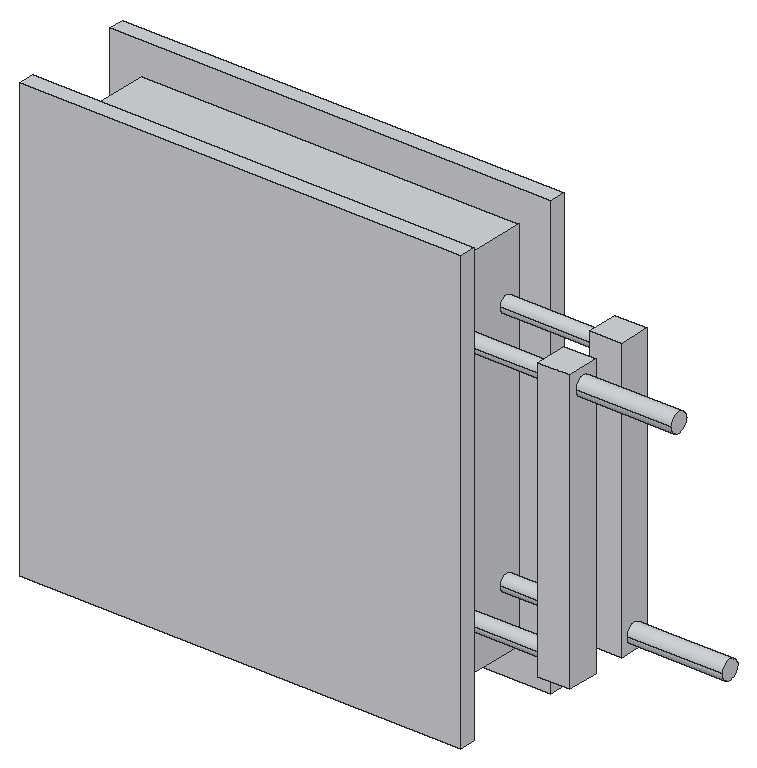
Revit family "M_Serpentina - Água quente", category Equipamento mecânico, Revit 2019
Family settings
  Cota do conector redondo = Usar raio
  Tipo de parte = Normal
  Número OmniClass = 23.75.70.21.14
  Título OmniClass = Coil Units
  ID de item do Seek = Coil - Hot Water-0000-CAN-ENU
  Com base no plano de trabalho = Não
  Sempre na vertical = Sim
  Corte com vazios quando carregada = Não
  Compartilhado = Não
  Ponto de cálculo do ambiente = Não
Parameters (values of type "Padrão")
  Largura do duto [instance] = 300 mm
  Altura do duto [instance] = 300 mm
  Material da serpentina = none
  Comprimento da serpentina [instance] = Largura do duto + 159 mm  # 459 mm
  Raio da água = Diâmetro da água / 2  # 7.5 mm
  Queda de pressão da água [instance] = 0.0 Pa
  Fluxo da água [instance] = 0.0 L/s
  Diâmetro da água = 15 mm
  Queda de pressão do ar [instance] = 7.5 Pa
  Fluxo de ar [instance] = 236.0 L/s
Reference planes
  plane 1 "Centro (Frente/Trás)": y = 0
  plane 2: z = 0
  plane 3 "Centro (Esquerda/Direita)": x = 0
  plane 4: y = 76.2
  plane 5: y = 88.9
  plane 6: y = -12.7
  plane 7: x = -150
  plane 8: x = 150
  plane 9: x = -207.15
  plane 10: x = -175.4
  plane 11: x = 175.4
  plane 12: x = 251.85
  plane 13: x = 226.45
  plane 14: x = 328.05
  plane 15: y = 63.5
  plane 16: y = 12.7
  plane 17: z = -25.4
  plane 18: z = 300
  plane 19: z = 325.4
  plane 20: z = 249.2
  plane 21: z = 50.8
Forms (mm)
  Extrusion 1, solid, material <- "Material da serpentina"
    sketch origin (0, 0, 0) x (1, 0, 0) y (0, 1, 0)
      loop
        line (-150, 76.2) -> (-150, 0) -> (150, 0) -> (150, 76.2) -> (-150, 76.2)
    from 0 to 300
  Extrusion 2, solid, material <- "Material da serpentina"
    sketch origin (0, 0, 0) x (1, 0, 0) y (0, 0, 1)
      loop
        line (-175.4, 325.4) -> (-175.4, -25.4) -> (175.4, -25.4) -> (175.4, 325.4) -> (-175.4, 325.4)
    from 0 to 12.7
  Extrusion 3, solid, material <- "Material da serpentina"
    sketch origin (0, 0, 0) x (1, 0, 0) y (0, 0, 1)
      loop
        line (-175.4, 325.4) -> (-175.4, -25.4) -> (175.4, -25.4) -> (175.4, 325.4) -> (-175.4, 325.4)
    from -88.9 to -76.2
  Sweep 4, solid, material <- "Material da serpentina"
    path origin (0, 0, 0) x (1, 0, 0) y (0, 0, 1)
      loop
        line (-150, 211.1) -> (-175.4, 211.1)
        arc (-175.4, 211.1) -> (-200.8, 185.7) -> (-175.4, 160.3) r 25.4
        line (-175.4, 160.3) -> (-150, 160.3)
    profile origin (-162.7, 0, 211.1) x (0, 0, -1) y (0, -1, 0)
      loop
        circle (0, -38.1) r 6.35
  Sweep 5, solid, material <- "Material da serpentina"
    path origin (0, 0, 0) x (1, 0, 0) y (0, 1, 0)
      loop
        line (150, 63.5) -> (226.45, 63.5)
    profile origin (188.225, 63.5, 0) x (0, 1, 0) y (0, 0, 1)
      loop
        circle (0, 249.2) r 6.35
  Sweep 6, solid, material <- "Material da serpentina"
    path origin (0, 0, 0) x (1, 0, 0) y (0, 1, 0)
      loop
        line (150, 63.5) -> (226.45, 63.5)
    profile origin (188.225, 63.5, 0) x (0, 1, 0) y (0, 0, 1)
      loop
        circle (0, 50.8) r 6.35
  Sweep 7, solid, material <- "Material da serpentina"
    path origin (0, 0, 0) x (1, 0, 0) y (0, 1, 0)
      loop
        line (150, 12.7) -> (226.45, 12.7)
    profile origin (188.225, 12.7, 0) x (0, 1, 0) y (0, 0, 1)
      loop
        circle (0, 50.8) r 6.35
  Sweep 8, solid, material <- "Material da serpentina"
    path origin (0, 0, 0) x (1, 0, 0) y (0, 1, 0)
      loop
        line (150, 12.7) -> (226.45, 12.7)
    profile origin (188.225, 12.7, 0) x (0, 1, 0) y (0, 0, 1)
      loop
        circle (0, 249.2) r 6.35
  Extrusion 9, solid, material <- "Material da serpentina"
    sketch origin (0, 0, 0) x (0, 1, 0) y (0, 0, 1)
      loop
        line (76.2, 261.9) -> (50.8, 261.9) -> (50.8, 38.1) -> (76.2, 38.1) -> (76.2, 261.9)
      loop
        line (25.4, 261.9) -> (0, 261.9) -> (0, 38.1) -> (25.4, 38.1) -> (25.4, 261.9)
    from 226.45 to 251.85
  Extrusion 10, solid, material <- "Material da serpentina"
    sketch origin (0, 0, 0) x (0, 1, 0) y (0, 0, 1)
      loop
        circle (63.5, 50.8) r 7.5
      loop
        circle (12.7, 249.2) r 7.5
    from 251.85 to 328.05
Cuts and joins
  joined: Extrusion 1, Extrusion 2, Extrusion 3, Sweep 4, Sweep 5, Sweep 6, Sweep 7, Sweep 8, Extrusion 9, Extrusion 10
Dimensions and locks
  locked: plane 4 to plane 1 "Centro (Frente/Trás)" at 76.2
  locked: plane 5 to plane 4 at 12.7
  locked: plane 6 to plane 1 "Centro (Frente/Trás)" at 12.7
  equal spacing: plane 7, plane 3 "Centro (Esquerda/Direita)", plane 8
  "Largura do duto": plane 7 to plane 8
  locked: plane 9 to plane 7 at 57.15
  locked: plane 10 to plane 7 at 25.4
  locked: plane 8 to plane 11 at 25.4
  "Comprimento da serpentina": plane 9 to plane 12
  locked: plane 13 to plane 12 at 25.4
  locked: plane 12 to plane 14 at 76.2
  locked: plane 5 to plane 15 at 25.4
  locked: plane 16 to plane 6 at 25.4
  locked: level to plane 2 at 0
  locked: plane 2 to plane 17 at 25.4
  "Altura do duto": plane 18 to plane 2
  locked: plane 19 to plane 18 at 25.4
  locked: plane 18 to plane 20 at 50.8
  locked: plane 21 to plane 2 at 50.8
  equal spacing: Extrusion 3, Sweep 4 sketch curve, plane 6
  locked: Extrusion 9 sketch curve to Extrusion 9 sketch curve at 25.4  (x2)
  equal spacing: Extrusion 9 sketch curve, plane 15, Extrusion 9 sketch curve
  locked: Extrusion 9 sketch curve to plane 20 at 12.7
  locked: plane 21 to Extrusion 9 sketch curve at 12.7
  equal spacing: Extrusion 9 sketch curve, plane 16, Extrusion 9 sketch curve
  "Raio da água": radius of Extrusion 10 sketch curve  (x2)
  aligned and locked: plane 7 to Extrusion 1 sketch curve
  aligned and locked: Extrusion 1 sketch curve to plane 4
  aligned and locked: Extrusion 1 sketch curve to plane 8
  aligned and locked: Extrusion 1 sketch curve to plane 1 "Centro (Frente/Trás)"
  aligned and locked: plane 18 to Extrusion 1
  aligned and locked: Extrusion 1 to plane 2
  aligned and locked: plane 10 to Extrusion 2 sketch curve
  aligned and locked: Extrusion 2 sketch curve to plane 19
  aligned and locked: plane 17 to Extrusion 2 sketch curve
  aligned and locked: Extrusion 2 sketch curve to plane 11
  aligned and locked: Extrusion 2 to plane 1 "Centro (Frente/Trás)"
  aligned and locked: Extrusion 2 to plane 6
  aligned and locked: Extrusion 3 sketch curve to plane 11
  aligned and locked: Extrusion 3 sketch curve to plane 19
  aligned and locked: plane 10 to Extrusion 3 sketch curve
  aligned and locked: plane 17 to Extrusion 3 sketch curve
  aligned and locked: plane 5 to Extrusion 3
  aligned and locked: Extrusion 3 to plane 4
  aligned and locked: plane 7 to Sweep 4 sketch curve  (x2)
  aligned and locked: plane 8 to Sweep 5 sketch curve
  aligned and locked: Sweep 5 sketch curve to plane 15
  aligned and locked: plane 13 to Sweep 5 sketch curve
  aligned and locked: plane 20 to Sweep 5 sketch curve
  aligned and locked: plane 8 to Sweep 6 sketch curve
  aligned and locked: plane 13 to Sweep 6 sketch curve
  aligned and locked: Sweep 6 sketch curve to plane 15
  aligned and locked: plane 21 to Sweep 6 sketch curve
  aligned and locked: plane 15 to Sweep 6 sketch curve
  aligned and locked: plane 8 to Sweep 7 sketch curve
  aligned and locked: plane 13 to Sweep 7 sketch curve
  aligned and locked: Sweep 7 sketch curve to plane 16
  aligned and locked: plane 16 to Sweep 7 sketch curve
  aligned and locked: plane 21 to Sweep 7 sketch curve
  aligned and locked: plane 8 to Sweep 8 sketch curve
  aligned and locked: plane 13 to Sweep 8 sketch curve
  aligned and locked: Sweep 8 sketch curve to plane 16
  aligned and locked: plane 16 to Sweep 8 sketch curve
  aligned and locked: plane 20 to Sweep 8 sketch curve
  aligned and locked: Extrusion 9 sketch curve to Extrusion 9 sketch curve  (x2)
  aligned and locked: Extrusion 9 to plane 13
  aligned and locked: plane 12 to Extrusion 9
  aligned and locked: plane 21 to Extrusion 10 sketch curve
  aligned and locked: plane 15 to Extrusion 10 sketch curve
  aligned and locked: plane 16 to Extrusion 10 sketch curve
  aligned and locked: plane 20 to Extrusion 10 sketch curve
  aligned and locked: plane 14 to Extrusion 10
  aligned and locked: Extrusion 10 to plane 12
Automatic sketch dimensions
  Sweep 4 sketch curve to plane 10 = 0 mm
  Sweep 4 sketch curve to plane 20 = 88.9 mm
  Sweep 4 sketch curve to Sweep 4 sketch curve = 25.4 mm
  Sweep 4 sketch curve to profile plane = 0 mm
  Sweep 5 sketch curve to profile plane = 0 mm
  radius of Sweep 4 sketch curve = 6.35 mm
  radius of Sweep 5 sketch curve = 6.35 mm
  radius of Sweep 6 sketch curve = 6.35 mm
  radius of Sweep 7 sketch curve = 6.35 mm
  radius of Sweep 8 sketch curve = 6.35 mm
Connectors
  hvac at (0, -12.7, 150), driven by "Fluxo de ar", driven by "Altura do duto", driven by "Largura do duto"
    settings: on cut or joined group 1 (Extrusion 1, Extrusion 2, Extrusion 3, Sweep 4, Sweep 5, Sweep 6, Sweep 7, Sweep 8, Extrusion 9, Extrusion 10), index 1, duct flow 236.0 L/s, flow factor 0, pres drop 0.0 Pa, loss coef 0, conn angle 0.00°, conn width 300 mm, conn height 300 mm, conn diameter 609.6 mm, duct sys type 1, conn prof type 1, flow config 0, flow direction 0, loss method 4, conn ref index 2, conn util no, is conn primary yes, conn desc ""
  hvac at (0, 88.9, 150), driven by "Queda de pressão do ar", driven by "Fluxo de ar", driven by "Altura do duto", driven by "Largura do duto"
    settings: on cut or joined group 1, index 2, duct flow 236.0 L/s, flow factor 0, pres drop 7.5 Pa, loss coef 0, conn angle 0.00°, conn width 300 mm, conn height 300 mm, conn diameter 609.6 mm, duct sys type 1, conn prof type 1, flow config 0, flow direction 0, loss method 4, conn ref index 1, conn util no, is conn primary no, conn desc ""
  piping at (328.05, 63.5, 50.8), diameter 15, driven by "Fluxo da água", driven by "Raio da água"
    settings: on cut or joined group 1, index 3, connector inside diameter 15 mm, connector length 0 mm, flow factor 0, pipe flow 0.0 L/s, pressure drop 0.0 Pa, fitting loss kfactor 0, connector angle 0.00°, fixture units 0, engagement length 0 mm, angle of deflection 0.00°, flow configuration 1, flow direction 1, fitting loss method 4, system type 7, joint type 0, gender type 0, connector reference index 4, connector utility 0, adjustable connector no, is connector primary yes, connector description "Entrada de água"
  piping at (328.05, 12.7, 249.2), diameter 15, driven by "Fluxo da água", driven by "Queda de pressão da água", driven by "Raio da água"
    settings: on cut or joined group 1, index 4, connector inside diameter 15 mm, connector length 0 mm, flow factor 0, pipe flow 0.0 L/s, pressure drop 0.0 Pa, fitting loss kfactor 0, connector angle 0.00°, fixture units 0, engagement length 0 mm, angle of deflection 0.00°, flow configuration 1, flow direction 2, fitting loss method 4, system type 8, joint type 0, gender type 0, connector reference index 3, connector utility 0, adjustable connector no, is connector primary no, connector description "Saída de água"
